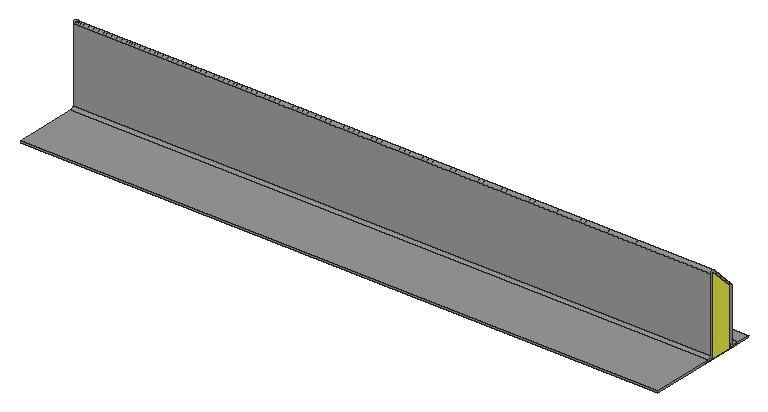
Revit family "EL K 50 WIL", category Generic Models, Revit 2014
Parameters (values of type "Max lintel length 2700mm")
  URL = "http://www.keystonelintels.co.uk"
  Structural Opening [instance] = 900 mm
  Structural Performance = "The Keystone lintel range has safe working loads as detailed in each applicable loading table in the Keystone Lintel Guide brochure. The structural performance figures within each table have been ascertained by testing in accordance with the requirements of standards BS EN 5977-2: 1983 and BS EN 845-2: 2003."
  RIBA Productor Selector = "available for Keystone Lintels Ltd from Keystone Lintels Ltd from ribaproductselector.com"
  Model = "EL/K 50 WIL"
  Min Length = 600 mm
  Min Clear Span = 300 mm
  Max Length = 2700 mm
  Max Clear Span = 2700 mm
  Material - Stainless Steel = "Grade 304 2b 1.4307 to BS EN 10088-2. Other grades available on request: contact manufacturer."
  Material - Galvanised Steel = "To BS EN 10346: 2009. DX51D plus Z600 or grade Z275 to BS 5977-2: 1983 (BS EN 845-2: 2003)."
  Manufacturer = "Keystone"
  Manufactured Length [instance] = (roundup(Effective Length / 150 mm) * 150 mm)  # 1200 mm
  Lintel height [instance] = 2100 mm
  Keynote = "F30/755"
  Fire Performance = "Keystone lintels have been subjected to a fire test (WARRES No. 101263) in accordance with BS 476-20: 1987, at Exova Warrington Fire and achieved a one hour fire performance."
  End Bearing = 150 mm
  Effective Length [instance] = Clear Opening with MIN MAX set + End Bearing * 2  # 1200 mm
  Corrosion = "Keystone’s standard range of lintels are manufactured from high quality grade pre-galvanized carbon steel with a zinc coating of 600"
  Contact Tel = "+44 (0)28 8676 2184"
  Contact Email = "info@keystonelintels.co.uk"
  Clear Opening with MIN MAX set [instance] = if(Structural Opening < Min Clear Span, Min Clear Span, (if(Structural Opening > Max Clear Span, Max Clear Span, Structural Opening)))  # 900 mm
  CPD Information = "Available for Keystone Lintels Ltd from ribacpd.com"
Reference planes
  plane 1 "Center (Front/Back)": y = 0
  plane 2: z = 0
  plane 3 "Center (Left/Right)": x = 0
  plane 4: x = -600
  plane 5: x = 600
  plane 6: z = 2100
  plane 7: x = -450
  plane 8: x = 450
Forms (mm)
  Extrusion 1, solid, material "Steel"
    sketch origin (0, 673.426, -535.741) x (0, 1, 0) y (0, 0, 1)
      loop
        line (-635.531, 2635.741) -> (-610.576, 2634.849) -> (-610.486, 2637.347) -> (-635.486, 2638.241) -> (-645.486, 2638.241)
        arc (-645.486, 2638.241) -> (-649.022, 2639.706) -> (-650.486, 2643.241) r 5
        line (-650.486, 2643.241) -> (-650.486, 2741.741)
        arc (-650.486, 2741.741) -> (-650.791, 2743.272) -> (-651.658, 2744.57) r 4
        line (-651.658, 2744.57) -> (-691.658, 2784.57)
        arc (-691.658, 2784.57) -> (-696.017, 2785.437) -> (-698.486, 2781.741) r 4
        line (-698.486, 2781.741) -> (-698.486, 2643.241)
        arc (-698.486, 2643.241) -> (-699.951, 2639.706) -> (-703.486, 2638.241) r 5
        line (-703.486, 2638.241) -> (-823.486, 2638.241) -> (-823.486, 2635.741) -> (-703.486, 2635.741)
        arc (-703.486, 2635.741) -> (-698.183, 2637.938) -> (-695.986, 2643.241) r 7.5
        line (-695.986, 2643.241) -> (-695.986, 2781.741)
        arc (-695.986, 2781.741) -> (-695.06, 2783.127) -> (-693.426, 2782.802) r 1.5
        line (-693.426, 2782.802) -> (-653.426, 2742.802)
        arc (-653.426, 2742.802) -> (-653.1, 2742.315) -> (-652.986, 2741.741) r 1.5
        line (-652.986, 2741.741) -> (-652.986, 2643.241)
        arc (-652.986, 2643.241) -> (-650.789, 2637.938) -> (-645.486, 2635.741) r 7.5
        line (-645.486, 2635.741) -> (-635.531, 2635.741)
    from -600 to 600
  Extrusion 2, solid, material "Steel"
    sketch origin (0, 673.426, -535.741) x (0, 1, 0) y (0, 0, 1)
      loop
        line (-636.986, 2634.741) -> (-636.986, 2635.741) -> (-653.986, 2635.741) -> (-653.986, 2643.741) -> (-654.986, 2643.741) -> (-654.986, 2635.741) -> (-711.986, 2635.741) -> (-711.986, 2634.741) -> (-636.986, 2634.741)
    from -600 to 600
  Extrusion 3, solid, material "Insulation"
    sketch origin (0, 673.426, -535.741) x (0, 1, 0) y (0, 0, 1)
      loop
        line (-703.486, 2635.741) -> (-654.986, 2635.741) -> (-654.986, 2643.741) -> (-653.986, 2643.741) -> (-653.986, 2635.741) -> (-645.486, 2635.741)
        arc (-645.486, 2635.741) -> (-650.789, 2637.938) -> (-652.986, 2643.241) r 7.5
        line (-652.986, 2643.241) -> (-652.986, 2741.741)
        arc (-652.986, 2741.741) -> (-653.1, 2742.315) -> (-653.426, 2742.802) r 1.5
        line (-653.426, 2742.802) -> (-693.426, 2782.802)
        arc (-693.426, 2782.802) -> (-695.06, 2783.127) -> (-695.986, 2781.741) r 1.5
        line (-695.986, 2781.741) -> (-695.986, 2643.241)
        arc (-695.986, 2643.241) -> (-698.183, 2637.938) -> (-703.486, 2635.741) r 7.5
    from -600 to 600
  Extrusion 4, solid, not visible
    sketch origin (0, 913.672, 1287.707) x (0, 1, 0) y (0, 0, 1)
      loop
        line (-635.531, 1035.741) -> (-610.576, 1034.849) -> (-610.486, 1037.347) -> (-635.486, 1038.241) -> (-645.486, 1038.241)
        arc (-645.486, 1038.241) -> (-649.022, 1039.706) -> (-650.486, 1043.241) r 5
        line (-650.486, 1043.241) -> (-650.486, 1141.741)
        arc (-650.486, 1141.741) -> (-650.791, 1143.272) -> (-651.658, 1144.57) r 4
        line (-651.658, 1144.57) -> (-691.658, 1184.57)
        arc (-691.658, 1184.57) -> (-696.017, 1185.437) -> (-698.486, 1181.741) r 4
        line (-698.486, 1181.741) -> (-698.486, 1043.241)
        arc (-698.486, 1043.241) -> (-699.951, 1039.706) -> (-703.486, 1038.241) r 5
        line (-703.486, 1038.241) -> (-823.486, 1038.241) -> (-823.486, 1035.741) -> (-703.486, 1035.741)
        arc (-703.486, 1035.741) -> (-698.183, 1037.938) -> (-695.986, 1043.241) r 7.5
        line (-695.986, 1043.241) -> (-695.986, 1181.741)
        arc (-695.986, 1181.741) -> (-695.06, 1183.127) -> (-693.426, 1182.802) r 1.5
        line (-693.426, 1182.802) -> (-653.426, 1142.802)
        arc (-653.426, 1142.802) -> (-653.1, 1142.315) -> (-652.986, 1141.741) r 1.5
        line (-652.986, 1141.741) -> (-652.986, 1043.241)
        arc (-652.986, 1043.241) -> (-650.789, 1037.938) -> (-645.486, 1035.741) r 7.5
        line (-645.486, 1035.741) -> (-635.531, 1035.741)
    from 0 to 250
  Extrusion 5, solid, not visible
    sketch origin (0, 477.034, 1179.598) x (0, 1, 0) y (0, 0, 1)
      loop
        line (-703.486, 1035.741) -> (-654.986, 1035.741) -> (-654.986, 1043.741) -> (-653.986, 1043.741) -> (-653.986, 1035.741) -> (-645.486, 1035.741)
        arc (-645.486, 1035.741) -> (-650.789, 1037.938) -> (-652.986, 1043.241) r 7.5
        line (-652.986, 1043.241) -> (-652.986, 1141.741)
        arc (-652.986, 1141.741) -> (-653.1, 1142.315) -> (-653.426, 1142.802) r 1.5
        line (-653.426, 1142.802) -> (-693.426, 1182.802)
        arc (-693.426, 1182.802) -> (-695.06, 1183.127) -> (-695.986, 1181.741) r 1.5
        line (-695.986, 1181.741) -> (-695.986, 1043.241)
        arc (-695.986, 1043.241) -> (-698.183, 1037.938) -> (-703.486, 1035.741) r 7.5
    from 0 to 250
  Extrusion 6, solid, not visible
    sketch origin (0, 840.807, 962.261) x (0, 1, 0) y (0, 0, 1)
      loop
        line (-636.986, 1034.741) -> (-636.986, 1035.741) -> (-653.986, 1035.741) -> (-653.986, 1043.741) -> (-654.986, 1043.741) -> (-654.986, 1035.741) -> (-711.986, 1035.741) -> (-711.986, 1034.741) -> (-636.986, 1034.741)
    from 0 to 250
Dimensions and locks
  equal spacing: plane 4, plane 3 "Center (Left/Right)", plane 5
  "Manufactured Length": plane 4 to plane 5
  "Lintel height": plane 6 to level
  "Structural Opening": plane 7 to plane 8
  equal spacing: plane 7, plane 3 "Center (Left/Right)", plane 8
  aligned and locked: level to plane 2
  aligned and locked: Extrusion 1 to plane 6
  aligned and locked: Extrusion 3 to plane 6
  aligned and locked: plane 6 to Extrusion 2
  aligned and locked: plane 5 to Extrusion 1
  aligned and locked: Extrusion 1 to plane 4
  aligned and locked: plane 5 to Extrusion 2
  aligned and locked: Extrusion 2 to plane 4
  aligned and locked: plane 5 to Extrusion 3
  aligned and locked: Extrusion 3 to plane 4
Automatic sketch dimensions
  Extrusion 1 sketch curve to Extrusion 1 sketch curve = 24.955 mm
  Extrusion 1 sketch curve to Extrusion 1 sketch curve = 0.089 mm
  Extrusion 1 sketch curve to Extrusion 1 sketch curve = 0.892 mm
  Extrusion 1 sketch curve to Extrusion 1 sketch curve = 0.045 mm
  Extrusion 1 sketch curve to Extrusion 1 sketch curve = 9.955 mm
  Extrusion 1 sketch curve to Extrusion 1 sketch curve = 7.5 mm
  Extrusion 1 sketch curve to Extrusion 1 sketch curve = 98.5 mm
  Extrusion 1 sketch curve to Extrusion 1 sketch curve = 1.5 mm
  Extrusion 1 sketch curve to Extrusion 1 sketch curve = 0.439 mm
  Extrusion 1 sketch curve to Extrusion 1 sketch curve = 1.768 mm  (x3)
  Extrusion 1 sketch curve to Extrusion 1 sketch curve = 40 mm  (x2)
  Extrusion 1 sketch curve to Extrusion 1 sketch curve = 1.061 mm  (x2)
  Extrusion 1 sketch curve to Extrusion 1 sketch curve = 0 mm  (x17)
  Extrusion 1 sketch curve to Extrusion 1 sketch curve = 5 mm
  Extrusion 1 sketch curve to Extrusion 1 sketch curve = 120 mm
  Extrusion 2 sketch curve to Extrusion 2 sketch curve = 75 mm
  Extrusion 2 sketch curve to Extrusion 2 sketch curve = 1 mm  (x2)
  Extrusion 2 sketch curve to Extrusion 2 sketch curve = 17 mm
  Extrusion 2 sketch curve to Extrusion 2 sketch curve = 8 mm
  Extrusion 2 sketch curve to Extrusion 2 sketch curve = 0 mm
  Extrusion 3 sketch curve to Extrusion 3 sketch curve = 0 mm  (x2)
  Extrusion 3 sketch curve to Extrusion 3 sketch curve = 7.5 mm  (x4)
  Extrusion 3 sketch curve to Extrusion 3 sketch curve = 41 mm
  Extrusion 3 sketch curve to Extrusion 3 sketch curve = 138.5 mm
  Extrusion 3 sketch curve to Extrusion 3 sketch curve = 8 mm
  Extrusion 3 sketch curve to Extrusion 3 sketch curve = 1 mm
  Extrusion 3 sketch curve to Extrusion 3 sketch curve = 8.5 mm  (x2)
  Extrusion 3 sketch curve to Extrusion 3 sketch curve = 40 mm
  Extrusion 3 sketch curve to Extrusion 3 sketch curve = 1.5 mm
  Extrusion 3 sketch curve to Extrusion 3 sketch curve = 0.439 mm
  Extrusion 3 sketch curve to Extrusion 3 sketch curve = 2.561 mm
  Extrusion 3 sketch curve to Extrusion 3 sketch curve = 1.061 mm
  Extrusion 4 sketch curve to Extrusion 4 sketch curve = 24.955 mm
  Extrusion 4 sketch curve to Extrusion 4 sketch curve = 0.089 mm
  Extrusion 4 sketch curve to Extrusion 4 sketch curve = 0.892 mm
  Extrusion 4 sketch curve to Extrusion 4 sketch curve = 0.045 mm
  Extrusion 4 sketch curve to Extrusion 4 sketch curve = 9.955 mm
  Extrusion 4 sketch curve to Extrusion 4 sketch curve = 7.5 mm
  Extrusion 4 sketch curve to Extrusion 4 sketch curve = 98.5 mm
  Extrusion 4 sketch curve to Extrusion 4 sketch curve = 1.5 mm
  Extrusion 4 sketch curve to Extrusion 4 sketch curve = 0.439 mm
  Extrusion 4 sketch curve to Extrusion 4 sketch curve = 1.768 mm  (x3)
  Extrusion 4 sketch curve to Extrusion 4 sketch curve = 40 mm  (x2)
  Extrusion 4 sketch curve to Extrusion 4 sketch curve = 1.061 mm  (x2)
  Extrusion 4 sketch curve to Extrusion 4 sketch curve = 0 mm  (x17)
  Extrusion 4 sketch curve to Extrusion 4 sketch curve = 5 mm
  Extrusion 4 sketch curve to Extrusion 4 sketch curve = 120 mm
  Extrusion 5 sketch curve to Extrusion 5 sketch curve = 0 mm  (x2)
  Extrusion 5 sketch curve to Extrusion 5 sketch curve = 7.5 mm  (x4)
  Extrusion 5 sketch curve to Extrusion 5 sketch curve = 41 mm
  Extrusion 5 sketch curve to Extrusion 5 sketch curve = 138.5 mm
  Extrusion 5 sketch curve to Extrusion 5 sketch curve = 8 mm
  Extrusion 5 sketch curve to Extrusion 5 sketch curve = 1 mm
  Extrusion 5 sketch curve to Extrusion 5 sketch curve = 8.5 mm  (x2)
  Extrusion 5 sketch curve to Extrusion 5 sketch curve = 40 mm
  Extrusion 5 sketch curve to Extrusion 5 sketch curve = 1.5 mm
  Extrusion 5 sketch curve to Extrusion 5 sketch curve = 0.439 mm
  Extrusion 5 sketch curve to Extrusion 5 sketch curve = 2.561 mm
  Extrusion 5 sketch curve to Extrusion 5 sketch curve = 1.061 mm
  Extrusion 6 sketch curve to Extrusion 6 sketch curve = 75 mm
  Extrusion 6 sketch curve to Extrusion 6 sketch curve = 1 mm  (x2)
  Extrusion 6 sketch curve to Extrusion 6 sketch curve = 17 mm
  Extrusion 6 sketch curve to Extrusion 6 sketch curve = 8 mm
  Extrusion 6 sketch curve to Extrusion 6 sketch curve = 0 mm
  Extrusion 3 sketch curve to plane 6 = 0 mm
  plane 1 "Center (Front/Back)" to Extrusion 3 sketch curve = 30.061 mm
  Extrusion 1 sketch curve to plane 6 = 0 mm
  plane 1 "Center (Front/Back)" to Extrusion 1 sketch curve = 150.061 mm
  Extrusion 2 sketch curve to plane 6 = 0 mm
  plane 1 "Center (Front/Back)" to Extrusion 2 sketch curve = 38.561 mm
